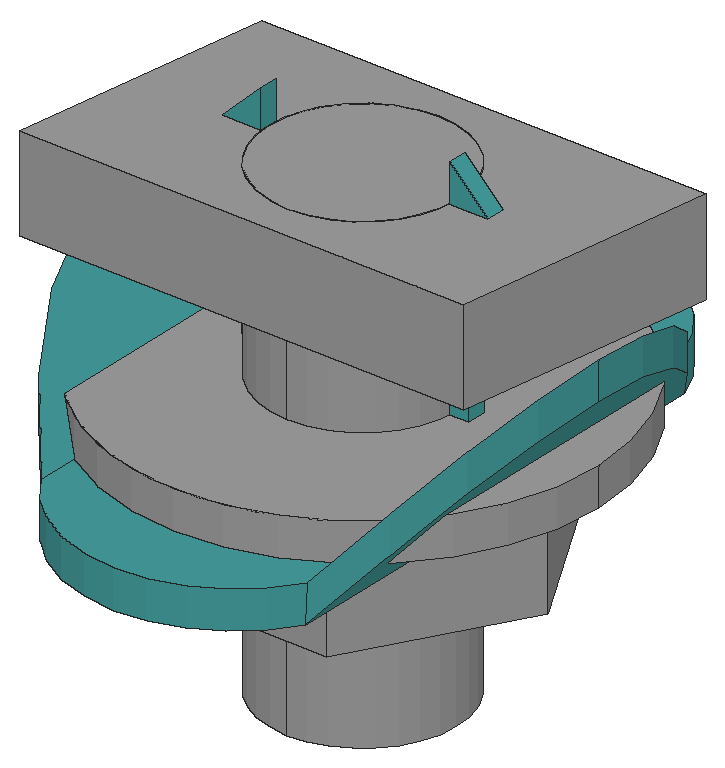
Revit family "HVAC_HangingSystems_Walraven_BIS_RapidRail_Hammerfix", category Mechanical Equipment, Revit 2016
Family settings
  Part Type = Normal
  Round Connector Dimension = Use Diameter
  OmniClass Number = 23.60.30.11.17
  OmniClass Title = Pipework/Ductwork Mechanical Fasteners/Supports
  Work Plane-Based = Yes
  Always vertical = No
  Cut with Voids When Loaded = No
  Shared = No
  Room Calculation Point = No
Parameters (values of type "M10x25mm")
  type_index = 4
  s [instance] = size_lookup(lookup_table_name, "s", 0 mm, type_index)  # 5 mm
  region_index = 1  # constant formula
  r [instance] = D / 2  # 5 mm
  product_index [instance] = size_lookup(lookup_table_name, "pi", 0, type_index, M)  # 4
  lookup_table_name [instance] = "BIS RapidRail Hammerfix"  # constant formula
  desc_uk [instance] = if(product_index = 1, "BIS RapidRail Hammerfix M8x25mm", if(product_index = 2, "BIS RapidRail Hammerfix M8x40mm", if(product_index = 3, "BIS RapidRail Hammerfix M8x60mm", if(product_index = 4, "BIS RapidRail Hammerfix M10x25mm", if(product_index = 5, "BIS RapidRail Hammerfix M10x40mm", if(product_index = 6, "BIS RapidRail Hammerfix M10x60mm", "0"))))))  # "BIS RapidRail Hammerfix M10x25mm"
  desc_nl [instance] = if(product_index = 1, "BIS RapidRail Hammerfix M8x25mm", if(product_index = 2, "BIS RapidRail Hammerfix M8x40mm", if(product_index = 3, "BIS RapidRail Hammerfix M8x60mm", if(product_index = 4, "BIS RapidRail Hammerfix M10x25mm", if(product_index = 5, "BIS RapidRail Hammerfix M10x40mm", if(product_index = 6, "BIS RapidRail Hammerfix M10x60mm", "0"))))))  # "BIS RapidRail Hammerfix M10x25mm"
  Youtube clip = ""
  Weight Net (Kg) = "0"
  Uniformat II Description = ""
  Uniformat II Code = ""
  Uniclass 2015 Name = ""
  Uniclass 2015 Code = ""
  Uniclass 2.0 Description = ""
  Uniclass 2.0 Code = ""
  Uniclass 1.4 Description = ""
  Uniclass 1.4 Code = ""
  URL = "https://www.walraven.com/en/?pid=282"
  UNSPSC Code = ""
  Technical description = "https://library.walraven.com/repository/rnd/documents/EN-UK/BIS%20RapidRail%C2%AE%20Hammerfix%20-%20G%2030%2050%20(EN-UK).pdf"
  SW [instance] = size_lookup(lookup_table_name, "SW1", 0 mm, type_index)  # 17 mm
  Region South America = "None"
  Region Oceania = "AU"
  Region North America = "US"
  Region Middle East = "AE, OM, QA, SA"
  Region Europe = "BE, CZ, DE, DK, ES, FR, GB, HR, HU, LT, LV, NL, NO, PL, RO, RU, SE, SK, UA"
  Region Asia = "CN, IN"
  Region Antarctica = "None"
  Region Africa = "ZA"
  RSen_S_max_allowed_load [instance] = size_lookup(lookup_table_name, "load", 0, type_index, M)  # 2900
  RSen_S_max_torque [instance] = size_lookup(lookup_table_name, "Torque", 0, type_index, M)  # 15
  RSen_S_net_weight [instance] = size_lookup(lookup_table_name, "weight", 0, type_index, M) * 1.00 kg  # 0.041 kg
  RSen_C_product_description [instance] = if(region_index = 1, desc_uk, if(region_index = 2, desc_nl, "0"))  # "BIS RapidRail Hammerfix M10x25mm"
  RSen_C_level_of_development = "LOD400"  # constant formula
  RSen_C_material_colour = "grey+green"  # constant formula
  RSen_C_material_finish = "zinc plated"  # constant formula
  RSen_C_material_01 = polyoxymethylene (POM)
  RSen_C_material = steel
  RSen_C_length [instance] = 29 mm  # constant formula
  RSen_C_height [instance] = L  # 25 mm
  RSen_C_thickness [instance] = 5 mm  # constant formula
  RSen_C_content_releasedate = "04-06-2018"  # constant formula
  RSen_C_content_modification_date = "04-06-2018"  # constant formula
  RSen_C_content_creator = "Itannex bv"  # constant formula
  RSen_C_code_gtin [instance] = ""
  RSen_C_code_manufacturer_product [instance] = size_lookup(lookup_table_name, "", "0", type_index, M)  # "6523002"
  RSen_C_code_manufacturer_gln = ""
  QR code = "http://bimobject.com/walraven/product/bis-rapidrail-hammerfix"
  Product url = "https://www.walraven.com/en/?pid=282"
  Product group = "Slide Nuts"
  Product family = "Rail Systems"
  Product data url = "https://bimobject.com/walraven/product/bis-rapidrail-hammerfix"
  Product certification = ""
  Product SKU = "bis-rapidrail-hammerfix"
  Product Guid = "6f94c591-4c96-4783-b52b-0b68e50ae203"
  OmniClass Description = "Mechanical Pipe Supports"
  OmniClass Code = "23-27 43 13"
  Nominal width = 0 mm
  Nominal height = 0 mm
  NLRS_C_code_SfB_tabel1 = "50"  # constant formula
  RSen_C_code_ETIM_url = "https://prod.etim-international.com/Class/Details?classId=EC002354&classVersion=6"
  RSen_C_code_ETIM = "EC002354"  # constant formula
  RSen_C_intended_use = "hanging systems"  # constant formula
  RSen_C_certificates = "N/A"  # constant formula
  RSen_C_width [instance] = 25 mm  # constant formula
  NBS Reference Description = ""
  NBS Reference Code = ""
  Model = "BIS RapidRail Hammerfix"  # constant formula
  Material secondary = ""
  Material main = "Steel"
  Masterformat 2014 Description = ""
  Masterformat 2014 Code = ""
  Manufacturer name = "Walraven"
  Manufacturer country = "China"
  Manufacturer = "Walraven"  # constant formula
  M [instance] = size_lookup(lookup_table_name, "M", 0, type_index)  # 10
  LU [instance] = size_lookup(lookup_table_name, "LU", 0 mm, type_index)  # 7 mm
  L [instance] = size_lookup(lookup_table_name, "L", 0 mm, type_index)  # 25 mm
  IsCustom [instance] = 0 = 1  # no
  Installation instructions = ""
  IfcExportType = "USERDEFINED"  # constant formula
  IfcExportAs = "IfcMechanicalFastenerType"  # constant formula
  IfcDescription = Description  # "hammerfix"
  IFC Classification = "Mechanical Fastener"
  GTIN code = ""
  Edition number = 0
  Design country = "Netherlands"
  Description = "hammerfix"  # constant formula
  Default Elevation = 1219.2 mm
  Date of publishing = "7/20/2018"
  D [instance] = if(M = 8, 8 mm, if(M = 10, 10 mm, if(M = 12, 12 mm, 0 mm)))  # 10 mm
  COBIe Type Category = ""
  Brand url = "https://www.walraven.com"
  BIMobject main category code = "hvac"
  BIMobject main category = "HVAC"
  BIMobject category code = "hvac-hanging-systems"
  BIMobject category = "Hanging Systems"
  Assembly Code = "50"
Types (6, lengths in mm): name | type_index | r | product_index | desc_uk | desc_nl | SW | RSen_S_max_allowed_load | RSen_S_net_weight | RSen_C_product_description | RSen_C_height | RSen_C_code_manufacturer_product | M | LU | L | D
  M10x25mm | 4 | 5 | 4 | "BIS RapidRail Hammerfix M10x25mm" | "BIS RapidRail Hammerfix M10x25mm" | 17 | 2900 | 0.041 kg | "BIS RapidRail Hammerfix M10x25mm" | 25 | "6523002" | 10 | 7 | 25 | 10
  M8x25mm | 1 | 4 | 1 | "BIS RapidRail Hammerfix M8x25mm" | "BIS RapidRail Hammerfix M8x25mm" | 13 | 2700 | 0.032 kg | "BIS RapidRail Hammerfix M8x25mm" | 25 | "6523802" | 8 | 7 | 25 | 8
  M8x40mm | 2 | 4 | 2 | "BIS RapidRail Hammerfix M8x40mm" | "BIS RapidRail Hammerfix M8x40mm" | 13 | 2700 | 0.036 kg | "BIS RapidRail Hammerfix M8x40mm" | 40 | "6523804" | 8 | 22 | 40 | 8
  M8x60mm | 3 | 4 | 3 | "BIS RapidRail Hammerfix M8x60mm" | "BIS RapidRail Hammerfix M8x60mm" | 13 | 2700 | 0.0425 kg | "BIS RapidRail Hammerfix M8x60mm" | 60 | "6523806" | 8 | 42 | 60 | 8
  M10x40mm | 5 | 5 | 5 | "BIS RapidRail Hammerfix M10x40mm" | "BIS RapidRail Hammerfix M10x40mm" | 17 | 2900 | 0.049 kg | "BIS RapidRail Hammerfix M10x40mm" | 40 | "6523004" | 10 | 22 | 40 | 10
  M10x60mm | 6 | 5 | 6 | "BIS RapidRail Hammerfix M10x60mm" | "BIS RapidRail Hammerfix M10x60mm" | 17 | 2900 | 0.054 kg | "BIS RapidRail Hammerfix M10x60mm" | 60 | "6523006" | 10 | 42 | 60 | 10
Reference planes
  plane 1 "Center (Front/Back)": y = 0
  plane 2: z = 0
  plane 3 "Center (Left/Right)": x = 0
  plane 4 "schuifmoer": z = 5
  plane 5: z = 10
  plane 6 "draadeind": z = -15
  plane 7 "moer": z = -8
  plane 8: x = -12.5
  plane 9: x = 12.5
  plane 10: x = -5
  plane 11: x = 5
  plane 12: x = -7
  plane 13: x = 7
  plane 14: z = -2
  plane 15: z = 3.029
  plane 16: z = -4.016
  plane 17: y = 12.5
  plane 18: y = -12.5
  plane 19: x = -14.5
  plane 20: x = 14.5
  plane 21: y = 17.5
  plane 22: y = -16.5
  plane 23: y = 0.5
  plane 24: y = -0.5
Forms (mm)
  Extrusion 1, solid, material "steel" <- "RSen_C_material", detail levels medium+fine
    sketch origin (0, 0, 5) x (0, -1, 0) y (1, 0, 0)
      loop
        line (-6.75, -10.75) -> (6.75, -12.75) -> (6.75, 10.75) -> (-6.75, 12.75) -> (-6.75, -10.75)
      loop
        circle (0, 0) r 5
    from 0 to 5
  Extrusion 2, solid, material "steel" <- "RSen_C_material", detail levels medium+fine
    sketch origin (0, 0, 0) x (1, 0, 0) y (0, 1, 0)
      loop
        circle (0, 0) r 5
      loop
        circle (0, 0) r 12.5
    from 0 to -2
  Extrusion 3, solid, material "polyoxymethylene (POM)" <- "RSen_C_material_01", detail levels medium+fine
    sketch origin (0, 0, 0) x (-1, 0, 0) y (0, 0, 1)
      loop
        line (6, 1) -> (6, 10) -> (7, 10) -> (5, 12) -> (5, 10) -> (5, 0) -> (6, 0) -> (6, 1)
      loop
        line (-5, 0) -> (-5, 10) -> (-5, 12) -> (-7, 10) -> (-6, 10) -> (-6, 0) -> (-5, 0)
    from -0.5 to 0.5
  Extrusion 4, solid, material "polyoxymethylene (POM)" <- "RSen_C_material_01", detail levels medium+fine
    sketch origin (0, 0, 0) x (1, 0, 0) y (0, 0, 1)
      loop
        line (-12.5, 5) -> (-12.5, 3.029) -> (-7, -4.016) -> (7, -4.016) -> (12.5, 3.029) -> (12.5, 5) -> (7.044, -2) -> (-7.044, -2) -> (-12.5, 5)
    from -17.5 to 16.5
  Extrusion 5, void
    sketch origin (0, 0, 0) x (1, 0, 0) y (0, 1, 0)
      loop
        line (-14.5, -18.5) -> (14.5, -18.5) -> (14.5, 19.5) -> (-14.5, 19.5) -> (-14.5, -18.5)
      loop
        arc (7, -12.5) -> (11.024, -6.811) -> (12.5, 0) r 17.444
        arc (12.5, 0) -> (11.024, 6.811) -> (7, 12.5) r 17.444
        arc (7, 12.5) -> (0, 17.5) -> (-7, 12.5) r 7.4
        arc (-7, 12.5) -> (-11.024, 6.811) -> (-12.5, 0) r 17.444
        arc (-12.5, 0) -> (-11.024, -6.811) -> (-7, -12.5) r 17.444
        arc (-7, -12.5) -> (0, -16.5) -> (7, -12.5) r 8.125
    from -8 to 10
  Extrusion 6, solid, material "steel" <- "RSen_C_material", detail levels medium+fine
    sketch origin (0, 0, -15) x (0, -1, 0) y (1, 0, 0)
      loop
        circle (0, 0) r 5
    from 0 to 25
Cuts and joins
  Extrusion 5 cuts Extrusion 4
  joined: Extrusion 3, Extrusion 4
Dimensions and locks
  "s": plane 5 to plane 4 "schuifmoer"
  "RSen_C_thickness": plane 4 "schuifmoer" to level
  "L": plane 5 to plane 6 "draadeind"
  locked: level to Extrusion 2 at 2
  "LU": plane 7 "moer" to plane 6 "draadeind"
  Extrusion 2 sketch curve to plane 3 "Center (Left/Right)" = 0 mm
  Extrusion 2 sketch curve to plane 1 "Center (Front/Back)" = 0 mm
  plane 4 "schuifmoer" to Extrusion 1 to plane 5 = 5 mm, 0 mm
  plane 4 "schuifmoer" to plane 5 = 5 mm
  Extrusion 1 to Extrusion 1 = 23.246 mm
  Extrusion 1 to Extrusion 1 = 13.5 mm
  Extrusion 1 to Extrusion 1 = 28.853 mm
  equal spacing: plane 8, plane 3 "Center (Left/Right)", plane 9
  plane 3 "Center (Left/Right)" to plane 9 = 12.5 mm
  equal spacing: plane 11, plane 3 "Center (Left/Right)", plane 10
  "r": plane 3 "Center (Left/Right)" to plane 10
  locked: plane 10 to plane 12 at 2
  locked: plane 13 to plane 11 at 2
  level to plane 14 = 2 mm
  locked: plane 4 "schuifmoer" to plane 15 at 1.971
  locked: plane 14 to plane 16 at 2.016
  equal spacing: plane 18, plane 1 "Center (Front/Back)", plane 17
  plane 1 "Center (Front/Back)" to plane 17 = 12.5 mm
  plane 20 to Extrusion 4 = 2 mm
  plane 19 to Extrusion 4 = 2 mm
  plane 21 to plane 17 = 5 mm
  plane 18 to plane 22 = 4 mm
  Extrusion 5 sketch curve to cut or joined group of Extrusion 3, Extrusion 4, Extrusion 5 = 2 mm  (x2)
  Extrusion 3 sketch curve to Extrusion 3 sketch curve = 1 mm
  locked: Extrusion 3 sketch curve to Extrusion 3 sketch curve at 1
  locked: Extrusion 3 sketch curve to plane 5 at 2  (x2)
  equal spacing: plane 23, plane 1 "Center (Front/Back)", plane 24
  plane 24 to plane 1 "Center (Front/Back)" = 0.5 mm
  "D": diameter of Extrusion 2 sketch curve
  "D": diameter of Extrusion 1 sketch curve
  "D": diameter of Extrusion 6 sketch curve
  aligned and locked: level to plane 2
  aligned and locked: plane 4 "schuifmoer" to Extrusion 1
  aligned and locked: level to Extrusion 2
  aligned and locked: Extrusion 2 to level
  aligned and locked: Extrusion 1 to plane 5
  aligned and locked: Extrusion 4 sketch curve to plane 14
  aligned and locked: plane 19 to Extrusion 5 sketch curve
  aligned and locked: Extrusion 5 sketch curve to plane 20
  aligned and locked: Extrusion 4 to plane 22
  aligned and locked: plane 21 to Extrusion 4
  aligned and locked: plane 10 to Extrusion 3 sketch curve
  aligned and locked: plane 11 to Extrusion 3 sketch curve
  aligned and locked: Extrusion 3 sketch curve to plane 5  (x2)
  aligned and locked: level to Extrusion 3 sketch curve
  aligned and locked: Extrusion 3 sketch curve to level
  aligned and locked: plane 23 to Extrusion 3
  aligned and locked: Extrusion 3 to plane 24
  aligned and locked: Extrusion 6 to plane 5
  aligned and locked: plane 6 "draadeind" to Extrusion 6
  aligned and locked: Extrusion 5 to Extrusion 1
  aligned and locked: Extrusion 5 to nested 1
Automatic sketch dimensions
  Extrusion 4 sketch curve to plane 4 "schuifmoer" = 0 mm  (x2)
  Extrusion 4 sketch curve to plane 8 = 0 mm
  Extrusion 4 sketch curve to plane 12 = 0 mm
  Extrusion 4 sketch curve to plane 13 = 0 mm
  Extrusion 4 sketch curve to plane 9 = 0 mm
  Extrusion 4 sketch curve to plane 16 = 0 mm
  Extrusion 4 sketch curve to plane 15 = 0 mm  (x2)
  Extrusion 4 sketch curve to plane 12 = 0.044 mm
  plane 13 to Extrusion 4 sketch curve = 0.044 mm
  Extrusion 3 sketch curve to plane 13 = 0 mm
  Extrusion 3 sketch curve to plane 12 = 0 mm
  Extrusion 3 sketch curve to plane 5 = 0 mm  (x2)
  Extrusion 3 sketch curve to Extrusion 3 sketch curve = 1 mm
  plane 1 "Center (Front/Back)" to Extrusion 5 sketch curve = 0 mm  (x2)
  Extrusion 5 sketch curve to plane 8 = 0 mm
  Extrusion 5 sketch curve to plane 12 = 0 mm  (x2)
  Extrusion 5 sketch curve to plane 3 "Center (Left/Right)" = 0 mm  (x2)
  Extrusion 5 sketch curve to plane 13 = 0 mm  (x2)
  Extrusion 5 sketch curve to plane 9 = 0 mm
  Extrusion 5 sketch curve to plane 18 = 0 mm
  Extrusion 5 sketch curve to plane 17 = 0 mm
  plane 10 to Extrusion 5 sketch curve = 0.058 mm  (x2)
  Extrusion 5 sketch curve to plane 11 = 0.058 mm  (x2)
  plane 18 to Extrusion 5 sketch curve = 4.125 mm
  Extrusion 5 sketch curve to plane 17 = 2.4 mm
  plane 1 "Center (Front/Back)" to Extrusion 1 sketch curve = 0 mm
  Extrusion 1 sketch curve to plane 3 "Center (Left/Right)" = 0 mm
  plane 8 to Extrusion 1 sketch curve = 1.75 mm
  Extrusion 1 sketch curve to plane 17 = 5.75 mm
  Extrusion 1 sketch curve to plane 8 = 0.25 mm
  plane 18 to Extrusion 1 sketch curve = 5.75 mm
  Extrusion 1 sketch curve to plane 9 = 1.75 mm
  plane 9 to Extrusion 1 sketch curve = 0.25 mm
  Extrusion 2 sketch curve to Extrusion 2 sketch curve = 0 mm  (x2)
  plane 1 "Center (Front/Back)" to Extrusion 6 sketch curve = 0 mm
  Extrusion 6 sketch curve to plane 3 "Center (Left/Right)" = 0 mm
  radius of Extrusion 2 sketch curve = 12.5 mm
Nested families
  nested 1: "NLRS_50_ME_ST_moer_GEN" at (0, 0, -8), D <- "D", RSen_C_thickness <- "RSen_C_thickness", SW1 <- "SW", type "std", detail levels medium+fine
    with item_description "", catalog_code "", SW1 17 mm, RSen_C_thickness 5 mm, IsCustom no, D 10 mm
Definition of nested family "NLRS_50_ME_ST_moer_GEN"
  Parameters (values of type "std")
    type_index = 1  # constant formula
    item_description [instance] = ""
    catalog_code [instance] = ""
    SW1 [instance] = 13 mm
    RSen_C_material = none
    RSen_C_thickness [instance] = 8 mm
    Model = "-"  # constant formula
    Manufacturer = "-"  # constant formula
    IsCustom [instance] = 0 = 1  # no
    IfcExportType = "USERDEFINED"  # constant formula
    IfcExportAs = "IfcMechanicalFastenerType"  # constant formula
    IfcDescription = Description  # "Hex nut"
    Description = "Hex nut"  # constant formula
    Default Elevation = 1219.2 mm
    D [instance] = 8 mm
  Reference planes
    plane 1 "Center (Front/Back)": y = 0
    plane 2: z = 0
    plane 3 "Center (Left/Right)": x = 0
    plane 4: through (-25.791, 44.671, 1200) normal (0.866, 0.5, 0)
    plane 5: through (25.791, 44.671, 1200) normal (0.866, -0.5, 0)
  Forms (mm)
    Extrusion 1, solid, material <- "RSen_C_material", detail levels medium+fine
      sketch origin (0, 0, 0) x (1, 0, 0) y (0, 1, 0)
        loop
          circle (0, 0) r 4
        loop
          line (7.506, 0) -> (3.753, 6.5) -> (-3.753, 6.5) -> (-7.506, 0) -> (-3.753, -6.5) -> (3.753, -6.5) -> (7.506, 0)
      from 0 to 8 <- "RSen_C_thickness"
  Dimensions and locks
    locked: Extrusion 1 sketch curve to plane 3 "Center (Left/Right)"
    locked: Extrusion 1 sketch curve to plane 1 "Center (Front/Back)"
    equal spacing: Extrusion 1 sketch curve, plane 5, Extrusion 1 sketch curve
    equal spacing: Extrusion 1 sketch curve, plane 4, Extrusion 1 sketch curve
    equal spacing: Extrusion 1 sketch curve, plane 1 "Center (Front/Back)", Extrusion 1 sketch curve
    "SW1": Extrusion 1 sketch curve to Extrusion 1 sketch curve  (x3)
    "D": diameter of Extrusion 1 sketch curve
    aligned and locked: level to plane 2
    aligned and locked: Extrusion 1 to level
